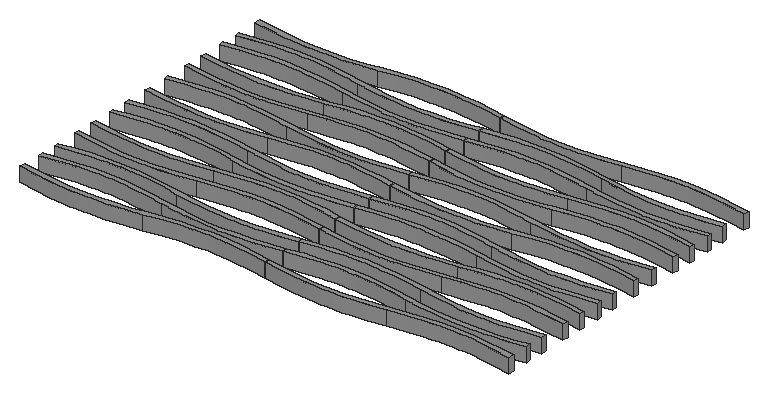
Revit family "BFL-FLD-007_FOLDED BAFFLES_RFA", category Modelos genéricos, Revit 2022 (continued)
Forms (in)
  Extrusion 44, solid
    sketch origin (51.35348, 69.82563, 0) x (1, 0, 0) y (0, 1, 0)
      loop
        spline (0.3487, -2.7551) -> (-3.90318, -3.4233) -> (-8.16664, -4.01294) -> (-12.44174, -4.51103) -> (-16.72805, -4.90072) -> (-21.02416, -5.1596) -> (-25.32686, -5.25727) -> (-29.62971, -5.16703) -> (-33.92617, -4.9141) -> (-38.21292, -4.52928) -> (-42.48849, -4.0353) -> (-46.75243, -3.44913) -> (-51.00478, -2.78394)
        line (-51.00478, -2.78394) -> (-51.35348, -4.8877)
    from 0 to 6
  Extrusion 45, solid, not visible
    sketch origin (-50.65608, -51.25, 0) x (1, 0, 0) y (0, 1, 0)
      loop
        line (-51.35348, 4.8877) -> (-51.00478, 2.78394)
        spline (-51.00478, 2.78394) -> (-46.75243, 3.44913) -> (-42.48849, 4.0353) -> (-38.21292, 4.52928) -> (-33.92617, 4.9141) -> (-29.62971, 5.16703) -> (-25.32686, 5.25727) -> (-21.02416, 5.1596) -> (-16.72805, 4.90072) -> (-12.44174, 4.51103) -> (-8.16664, 4.01294) -> (-3.90318, 3.4233) -> (0.3487, 2.7551)
        spline (0.3487, 2.7551) -> (4.54288, 2.09578) -> (8.74843, 1.51355) -> (12.96543, 1.0212) -> (17.19348, 0.63552) -> (21.43124, 0.37882) -> (25.67555, 0.28163) -> (29.92003, 0.37134) -> (34.15814, 0.62208) -> (38.38663, 1.0029) -> (42.6041, 1.49115) -> (46.81013, 2.06993) -> (51.00478, 2.72626)
        line (51.00478, 2.72626) -> (50.65608, 4.83002)
        spline (50.65608, 4.83002) -> (46.46143, 4.17369) -> (42.2554, 3.59491) -> (38.03794, 3.10666) -> (33.80944, 2.72585) -> (29.57133, 2.4751) -> (25.32686, 2.38539) -> (21.08254, 2.48258) -> (16.84478, 2.73928) -> (12.61673, 3.12496) -> (8.39973, 3.61731) -> (4.19418, 4.19954) -> (0, 4.85886)
        spline (0, 4.85886) -> (-4.25188, 5.52706) -> (-8.51534, 6.1167) -> (-12.79044, 6.61479) -> (-17.07674, 7.00448) -> (-21.37286, 7.26336) -> (-25.67556, 7.36104) -> (-29.97841, 7.27079) -> (-34.27487, 7.01787) -> (-38.56162, 6.63305) -> (-42.83719, 6.13906) -> (-47.10113, 5.5529) -> (-51.35348, 4.8877)
    from 0 to 6
  Extrusion 46, solid, not visible
    sketch origin (51.35348, -51.30768, 0) x (1, 0, 0) y (0, 1, 0)
      loop
        line (-51.35348, 4.8877) -> (-51.00478, 2.78394)
        spline (-51.00478, 2.78394) -> (-46.75243, 3.44913) -> (-42.48849, 4.0353) -> (-38.21292, 4.52928) -> (-33.92617, 4.9141) -> (-29.62971, 5.16703) -> (-25.32686, 5.25727) -> (-21.02416, 5.1596) -> (-16.72805, 4.90072) -> (-12.44174, 4.51103) -> (-8.16664, 4.01294) -> (-3.90318, 3.4233) -> (0.3487, 2.7551)
        spline (0.3487, 2.7551) -> (4.54288, 2.09578) -> (8.74843, 1.51355) -> (12.96543, 1.0212) -> (17.19348, 0.63552) -> (21.43124, 0.37882) -> (25.67555, 0.28163) -> (29.92003, 0.37134) -> (34.15814, 0.62208) -> (38.38663, 1.0029) -> (42.6041, 1.49115) -> (46.81013, 2.06993) -> (51.00478, 2.72626)
        line (51.00478, 2.72626) -> (50.65608, 4.83002)
        spline (50.65608, 4.83002) -> (46.46143, 4.17369) -> (42.2554, 3.59491) -> (38.03794, 3.10666) -> (33.80944, 2.72585) -> (29.57133, 2.4751) -> (25.32686, 2.38539) -> (21.08254, 2.48258) -> (16.84478, 2.73928) -> (12.61673, 3.12496) -> (8.39973, 3.61731) -> (4.19418, 4.19954) -> (0, 4.85886)
        spline (0, 4.85886) -> (-4.25188, 5.52706) -> (-8.51534, 6.1167) -> (-12.79044, 6.61479) -> (-17.07674, 7.00448) -> (-21.37286, 7.26336) -> (-25.67556, 7.36104) -> (-29.97841, 7.27079) -> (-34.27487, 7.01787) -> (-38.56162, 6.63305) -> (-42.83719, 6.13906) -> (-47.10113, 5.5529) -> (-51.35348, 4.8877)
    from 0 to 6
  Extrusion 47, solid, not visible
    sketch origin (-50.65608, -53, 0) x (1, 0, 0) y (0, 1, 0)
      loop
        spline (-51.35348, -4.8877) -> (-47.10113, -5.5529) -> (-42.83719, -6.13906) -> (-38.56162, -6.63305) -> (-34.27487, -7.01787) -> (-29.97841, -7.27079) -> (-25.67556, -7.36104) -> (-21.37286, -7.26336) -> (-17.07674, -7.00448) -> (-12.79044, -6.61479) -> (-8.51534, -6.1167) -> (-4.25188, -5.52706) -> (0, -4.85886)
        spline (0, -4.85886) -> (4.19418, -4.19954) -> (8.39973, -3.61731) -> (12.61673, -3.12496) -> (16.84478, -2.73928) -> (21.08254, -2.48258) -> (25.32686, -2.38539) -> (29.57133, -2.4751) -> (33.80944, -2.72585) -> (38.03794, -3.10666) -> (42.2554, -3.59491) -> (46.46143, -4.17369) -> (50.65608, -4.83002)
        line (50.65608, -4.83002) -> (51.00478, -2.72626)
        spline (51.00478, -2.72626) -> (46.81013, -2.06993) -> (42.6041, -1.49115) -> (38.38663, -1.0029) -> (34.15814, -0.62208) -> (29.92003, -0.37134) -> (25.67555, -0.28163) -> (21.43124, -0.37882) -> (17.19348, -0.63552) -> (12.96543, -1.0212) -> (8.74843, -1.51355) -> (4.54288, -2.09578) -> (0.3487, -2.7551)
        spline (0.3487, -2.7551) -> (-3.90318, -3.4233) -> (-8.16664, -4.01294) -> (-12.44174, -4.51103) -> (-16.72805, -4.90072) -> (-21.02416, -5.1596) -> (-25.32686, -5.25727) -> (-29.62971, -5.16703) -> (-33.92617, -4.9141) -> (-38.21292, -4.52928) -> (-42.48849, -4.0353) -> (-46.75243, -3.44913) -> (-51.00478, -2.78394)
        line (-51.00478, -2.78394) -> (-51.35348, -4.8877)
    from 0 to 6
  Sweep 48, solid, not visible
    path origin (0, -53, 0) x (1, 0, 0) y (0, 1, 0)
      loop
        spline (-92.49217, -5.10021) -> (-84.6075, -6.03201) -> (-77.1527, -6.33846) -> (-70.05936, -6.14551) -> (-63.25908, -5.5791) -> (-56.68345, -4.76519) -> (-50.26407, -3.82973) -> (-43.91162, -2.89853) -> (-37.47239, -2.09695) -> (-30.78031, -1.55026) -> (-23.66932, -1.38375) -> (-15.97333, -1.72269) -> (-7.52628, -2.69235)
    profile origin (-50.26407, -56.82973, 0) x (-0.148278, 0.988946, 0) y (0, 0, 1)
      loop
        line (0.25, 0) -> (-0.25, 0) -> (-0.25, -0.04234) -> (0.25, -0.04234) -> (0.25, 0)
  Extrusion 49, solid, not visible
    sketch origin (51.35348, -52.94232, 0) x (1, 0, 0) y (0, 1, 0)
      loop
        spline (-51.35348, -4.8877) -> (-47.10113, -5.5529) -> (-42.83719, -6.13906) -> (-38.56162, -6.63305) -> (-34.27487, -7.01787) -> (-29.97841, -7.27079) -> (-25.67556, -7.36104) -> (-21.37286, -7.26336) -> (-17.07674, -7.00448) -> (-12.79044, -6.61479) -> (-8.51534, -6.1167) -> (-4.25188, -5.52706) -> (0, -4.85886)
        spline (0, -4.85886) -> (4.19418, -4.19954) -> (8.39973, -3.61731) -> (12.61673, -3.12496) -> (16.84478, -2.73928) -> (21.08254, -2.48258) -> (25.32686, -2.38539) -> (29.57133, -2.4751) -> (33.80944, -2.72585) -> (38.03794, -3.10666) -> (42.2554, -3.59491) -> (46.46143, -4.17369) -> (50.65608, -4.83002)
        line (50.65608, -4.83002) -> (51.00478, -2.72626)
        spline (51.00478, -2.72626) -> (46.81013, -2.06993) -> (42.6041, -1.49115) -> (38.38663, -1.0029) -> (34.15814, -0.62208) -> (29.92003, -0.37134) -> (25.67555, -0.28163) -> (21.43124, -0.37882) -> (17.19348, -0.63552) -> (12.96543, -1.0212) -> (8.74843, -1.51355) -> (4.54288, -2.09578) -> (0.3487, -2.7551)
        spline (0.3487, -2.7551) -> (-3.90318, -3.4233) -> (-8.16664, -4.01294) -> (-12.44174, -4.51103) -> (-16.72805, -4.90072) -> (-21.02416, -5.1596) -> (-25.32686, -5.25727) -> (-29.62971, -5.16703) -> (-33.92617, -4.9141) -> (-38.21292, -4.52928) -> (-42.48849, -4.0353) -> (-46.75243, -3.44913) -> (-51.00478, -2.78394)
        line (-51.00478, -2.78394) -> (-51.35348, -4.8877)
    from 0 to 6
  Sweep 50, solid, not visible
    path origin (102.00956, -53.05768, 0) x (1, 0, 0) y (0, 1, 0)
      loop
        spline (-92.49217, -4.98486) -> (-84.6075, -5.91666) -> (-77.1527, -6.2231) -> (-70.05936, -6.03015) -> (-63.25908, -5.46374) -> (-56.68345, -4.64983) -> (-50.26407, -3.71438) -> (-43.91162, -2.78317) -> (-37.47239, -1.98159) -> (-30.78031, -1.4349) -> (-23.66932, -1.26839) -> (-15.97333, -1.60733) -> (-7.52628, -2.577)
    profile origin (51.74549, -56.77206, 0) x (-0.148278, 0.988946, 0) y (0, 0, 1)
      loop
        line (0.25, 0) -> (-0.25, 0) -> (-0.25, -0.04234) -> (0.25, -0.04234) -> (0.25, 0)
  Extrusion 51, solid, not visible
    sketch origin (-50.65608, -53, 0) x (1, 0, 0) y (0, 1, 0)
      loop
        line (-51.35348, 14.6377) -> (-51.00478, 12.53394)
        spline (-51.00478, 12.53394) -> (-46.75243, 13.19913) -> (-42.48849, 13.7853) -> (-38.21292, 14.27928) -> (-33.92617, 14.6641) -> (-29.62971, 14.91703) -> (-25.32686, 15.00727) -> (-21.02416, 14.9096) -> (-16.72805, 14.65072) -> (-12.44174, 14.26103) -> (-8.16664, 13.76294) -> (-3.90318, 13.1733) -> (0.3487, 12.5051)
        spline (0.3487, 12.5051) -> (4.54288, 11.84578) -> (8.74843, 11.26355) -> (12.96543, 10.7712) -> (17.19348, 10.38552) -> (21.43124, 10.12882) -> (25.67555, 10.03163) -> (29.92003, 10.12134) -> (34.15814, 10.37208) -> (38.38663, 10.7529) -> (42.6041, 11.24115) -> (46.81013, 11.81993) -> (51.00478, 12.47626)
        line (51.00478, 12.47626) -> (50.65608, 14.58002)
        spline (50.65608, 14.58002) -> (46.46143, 13.92369) -> (42.2554, 13.34491) -> (38.03794, 12.85666) -> (33.80944, 12.47585) -> (29.57133, 12.2251) -> (25.32686, 12.13539) -> (21.08254, 12.23258) -> (16.84478, 12.48928) -> (12.61673, 12.87496) -> (8.39973, 13.36731) -> (4.19418, 13.94954) -> (0, 14.60886)
        spline (0, 14.60886) -> (-4.25188, 15.27706) -> (-8.51534, 15.8667) -> (-12.79044, 16.36479) -> (-17.07674, 16.75448) -> (-21.37286, 17.01336) -> (-25.67556, 17.11104) -> (-29.97841, 17.02079) -> (-34.27487, 16.76787) -> (-38.56162, 16.38305) -> (-42.83719, 15.88906) -> (-47.10113, 15.3029) -> (-51.35348, 14.6377)
    from 0 to 6
  Sweep 52, solid, not visible
    path origin (0, -23.25, 0) x (1, 0, 0) y (0, 1, 0)
      loop
        spline (-92.49217, -14.89979) -> (-84.6075, -13.96799) -> (-77.1527, -13.66154) -> (-70.05936, -13.85449) -> (-63.25908, -14.4209) -> (-56.68345, -15.23481) -> (-50.26407, -16.17027) -> (-43.91162, -17.10147) -> (-37.47239, -17.90305) -> (-30.78031, -18.44974) -> (-23.66932, -18.61625) -> (-15.97333, -18.27731) -> (-7.52628, -17.30765)
    profile origin (-50.26407, -39.42027, 0) x (0.148278, 0.988946, 0) y (0, 0, 1)
      loop
        line (-0.25, 0) -> (-0.25, -0.04234) -> (0.25, -0.04234) -> (0.25, 0) -> (-0.25, 0)
  Extrusion 53, solid, not visible
    sketch origin (51.35348, -149.30768, 0) x (1, 0, 0) y (0, 1, 0)
      loop
        line (-51.35348, 110.8877) -> (-51.00478, 108.78394)
        spline (-51.00478, 108.78394) -> (-46.75243, 109.44913) -> (-42.48849, 110.0353) -> (-38.21292, 110.52928) -> (-33.92617, 110.9141) -> (-29.62971, 111.16703) -> (-25.32686, 111.25727) -> (-21.02416, 111.1596) -> (-16.72805, 110.90072) -> (-12.44174, 110.51103) -> (-8.16664, 110.01294) -> (-3.90318, 109.4233) -> (0.3487, 108.7551)
        spline (0.3487, 108.7551) -> (4.54288, 108.09578) -> (8.74843, 107.51355) -> (12.96543, 107.0212) -> (17.19348, 106.63552) -> (21.43124, 106.37882) -> (25.67555, 106.28163) -> (29.92003, 106.37134) -> (34.15814, 106.62208) -> (38.38663, 107.0029) -> (42.6041, 107.49115) -> (46.81013, 108.06993) -> (51.00478, 108.72626)
        line (51.00478, 108.72626) -> (50.65608, 110.83002)
        spline (50.65608, 110.83002) -> (46.46143, 110.17369) -> (42.2554, 109.59491) -> (38.03794, 109.10666) -> (33.80944, 108.72585) -> (29.57133, 108.4751) -> (25.32686, 108.38539) -> (21.08254, 108.48258) -> (16.84478, 108.73928) -> (12.61673, 109.12496) -> (8.39973, 109.61731) -> (4.19418, 110.19954) -> (0, 110.85886)
        spline (0, 110.85886) -> (-4.25188, 111.52706) -> (-8.51534, 112.1167) -> (-12.79044, 112.61479) -> (-17.07674, 113.00448) -> (-21.37286, 113.26336) -> (-25.67556, 113.36104) -> (-29.97841, 113.27079) -> (-34.27487, 113.01787) -> (-38.56162, 112.63305) -> (-42.83719, 112.13906) -> (-47.10113, 111.5529) -> (-51.35348, 110.8877)
    from 0 to 6
  Sweep 54, solid, not visible
    path origin (102.00956, -23.30768, 0) x (1, 0, 0) y (0, 1, 0)
      loop
        spline (-92.49217, -14.89979) -> (-84.6075, -13.96799) -> (-77.1527, -13.66154) -> (-70.05936, -13.85449) -> (-63.25908, -14.4209) -> (-56.68345, -15.23481) -> (-50.26407, -16.17027) -> (-43.91162, -17.10147) -> (-37.47239, -17.90305) -> (-30.78031, -18.44974) -> (-23.66932, -18.61625) -> (-15.97333, -18.27731) -> (-7.52628, -17.30765)
    profile origin (51.74549, -39.47794, 0) x (0.148278, 0.988946, 0) y (0, 0, 1)
      loop
        line (-0.25, 0) -> (-0.25, -0.04234) -> (0.25, -0.04234) -> (0.25, 0) -> (-0.25, 0)
  Extrusion 55, solid, not visible
    sketch origin (-50.65608, -24.73205, 0) x (1, 0, 0) y (0, 1, 0)
      loop
        spline (-51.35348, -4.8877) -> (-47.10113, -5.5529) -> (-42.83719, -6.13906) -> (-38.56162, -6.63305) -> (-34.27487, -7.01787) -> (-29.97841, -7.27079) -> (-25.67556, -7.36104) -> (-21.37286, -7.26336) -> (-17.07674, -7.00448) -> (-12.79044, -6.61479) -> (-8.51534, -6.1167) -> (-4.25188, -5.52706) -> (0, -4.85886)
        spline (0, -4.85886) -> (4.19418, -4.19954) -> (8.39973, -3.61731) -> (12.61673, -3.12496) -> (16.84478, -2.73928) -> (21.08254, -2.48258) -> (25.32686, -2.38539) -> (29.57133, -2.4751) -> (33.80944, -2.72585) -> (38.03794, -3.10666) -> (42.2554, -3.59491) -> (46.46143, -4.17369) -> (50.65608, -4.83002)
        line (50.65608, -4.83002) -> (51.00478, -2.72626)
        spline (51.00478, -2.72626) -> (46.81013, -2.06993) -> (42.6041, -1.49115) -> (38.38663, -1.0029) -> (34.15814, -0.62208) -> (29.92003, -0.37134) -> (25.67555, -0.28163) -> (21.43124, -0.37882) -> (17.19348, -0.63552) -> (12.96543, -1.0212) -> (8.74843, -1.51355) -> (4.54288, -2.09578) -> (0.3487, -2.7551)
        spline (0.3487, -2.7551) -> (-3.90318, -3.4233) -> (-8.16664, -4.01294) -> (-12.44174, -4.51103) -> (-16.72805, -4.90072) -> (-21.02416, -5.1596) -> (-25.32686, -5.25727) -> (-29.62971, -5.16703) -> (-33.92617, -4.9141) -> (-38.21292, -4.52928) -> (-42.48849, -4.0353) -> (-46.75243, -3.44913) -> (-51.00478, -2.78394)
        line (-51.00478, -2.78394) -> (-51.35348, -4.8877)
    from 0 to 6
  Extrusion 56, solid, not visible
    sketch origin (51.35348, -24.67437, 0) x (1, 0, 0) y (0, 1, 0)
      loop
        spline (-51.35348, -4.8877) -> (-47.10113, -5.5529) -> (-42.83719, -6.13906) -> (-38.56162, -6.63305) -> (-34.27487, -7.01787) -> (-29.97841, -7.27079) -> (-25.67556, -7.36104) -> (-21.37286, -7.26336) -> (-17.07674, -7.00448) -> (-12.79044, -6.61479) -> (-8.51534, -6.1167) -> (-4.25188, -5.52706) -> (0, -4.85886)
        spline (0, -4.85886) -> (4.19418, -4.19954) -> (8.39973, -3.61731) -> (12.61673, -3.12496) -> (16.84478, -2.73928) -> (21.08254, -2.48258) -> (25.32686, -2.38539) -> (29.57133, -2.4751) -> (33.80944, -2.72585) -> (38.03794, -3.10666) -> (42.2554, -3.59491) -> (46.46143, -4.17369) -> (50.65608, -4.83002)
        line (50.65608, -4.83002) -> (51.00478, -2.72626)
        spline (51.00478, -2.72626) -> (46.81013, -2.06993) -> (42.6041, -1.49115) -> (38.38663, -1.0029) -> (34.15814, -0.62208) -> (29.92003, -0.37134) -> (25.67555, -0.28163) -> (21.43124, -0.37882) -> (17.19348, -0.63552) -> (12.96543, -1.0212) -> (8.74843, -1.51355) -> (4.54288, -2.09578) -> (0.3487, -2.7551)
        spline (0.3487, -2.7551) -> (-3.90318, -3.4233) -> (-8.16664, -4.01294) -> (-12.44174, -4.51103) -> (-16.72805, -4.90072) -> (-21.02416, -5.1596) -> (-25.32686, -5.25727) -> (-29.62971, -5.16703) -> (-33.92617, -4.9141) -> (-38.21292, -4.52928) -> (-42.48849, -4.0353) -> (-46.75243, -3.44913) -> (-51.00478, -2.78394)
        line (-51.00478, -2.78394) -> (-51.35348, -4.8877)
    from 0 to 6
  Extrusion 57, solid, not visible
    sketch origin (-50.65608, -16, 0) x (1, 0, 0) y (0, 1, 0)
      loop
        spline (-51.35348, -4.8877) -> (-47.10113, -5.5529) -> (-42.83719, -6.13906) -> (-38.56162, -6.63305) -> (-34.27487, -7.01787) -> (-29.97841, -7.27079) -> (-25.67556, -7.36104) -> (-21.37286, -7.26336) -> (-17.07674, -7.00448) -> (-12.79044, -6.61479) -> (-8.51534, -6.1167) -> (-4.25188, -5.52706) -> (0, -4.85886)
        spline (0, -4.85886) -> (4.19418, -4.19954) -> (8.39973, -3.61731) -> (12.61673, -3.12496) -> (16.84478, -2.73928) -> (21.08254, -2.48258) -> (25.32686, -2.38539) -> (29.57133, -2.4751) -> (33.80944, -2.72585) -> (38.03794, -3.10666) -> (42.2554, -3.59491) -> (46.46143, -4.17369) -> (50.65608, -4.83002)
        line (50.65608, -4.83002) -> (51.00478, -2.72626)
        spline (51.00478, -2.72626) -> (46.81013, -2.06993) -> (42.6041, -1.49115) -> (38.38663, -1.0029) -> (34.15814, -0.62208) -> (29.92003, -0.37134) -> (25.67555, -0.28163) -> (21.43124, -0.37882) -> (17.19348, -0.63552) -> (12.96543, -1.0212) -> (8.74843, -1.51355) -> (4.54288, -2.09578) -> (0.3487, -2.7551)
        spline (0.3487, -2.7551) -> (-3.90318, -3.4233) -> (-8.16664, -4.01294) -> (-12.44174, -4.51103) -> (-16.72805, -4.90072) -> (-21.02416, -5.1596) -> (-25.32686, -5.25727) -> (-29.62971, -5.16703) -> (-33.92617, -4.9141) -> (-38.21292, -4.52928) -> (-42.48849, -4.0353) -> (-46.75243, -3.44913) -> (-51.00478, -2.78394)
        line (-51.00478, -2.78394) -> (-51.35348, -4.8877)
    from 0 to 6
  Sweep 58, solid, not visible
    path origin (0, -16, 0) x (1, 0, 0) y (0, 1, 0)
      loop
        spline (-92.49217, -5.10021) -> (-84.6075, -6.03201) -> (-77.1527, -6.33846) -> (-70.05936, -6.14551) -> (-63.25908, -5.5791) -> (-56.68345, -4.76519) -> (-50.26407, -3.82973) -> (-43.91162, -2.89853) -> (-37.47239, -2.09695) -> (-30.78031, -1.55026) -> (-23.66932, -1.38375) -> (-15.97333, -1.72269) -> (-7.52628, -2.69235)
    profile origin (-50.26407, -19.82973, 0) x (-0.148278, 0.988946, 0) y (0, 0, 1)
      loop
        line (0.25, 0) -> (-0.25, 0) -> (-0.25, -0.04234) -> (0.25, -0.04234) -> (0.25, 0)
  Extrusion 59, solid, not visible
    sketch origin (51.35348, -15.94232, 0) x (1, 0, 0) y (0, 1, 0)
      loop
        spline (-51.35348, -4.8877) -> (-47.10113, -5.5529) -> (-42.83719, -6.13906) -> (-38.56162, -6.63305) -> (-34.27487, -7.01787) -> (-29.97841, -7.27079) -> (-25.67556, -7.36104) -> (-21.37286, -7.26336) -> (-17.07674, -7.00448) -> (-12.79044, -6.61479) -> (-8.51534, -6.1167) -> (-4.25188, -5.52706) -> (0, -4.85886)
        spline (0, -4.85886) -> (4.19418, -4.19954) -> (8.39973, -3.61731) -> (12.61673, -3.12496) -> (16.84478, -2.73928) -> (21.08254, -2.48258) -> (25.32686, -2.38539) -> (29.57133, -2.4751) -> (33.80944, -2.72585) -> (38.03794, -3.10666) -> (42.2554, -3.59491) -> (46.46143, -4.17369) -> (50.65608, -4.83002)
        line (50.65608, -4.83002) -> (51.00478, -2.72626)
        spline (51.00478, -2.72626) -> (46.81013, -2.06993) -> (42.6041, -1.49115) -> (38.38663, -1.0029) -> (34.15814, -0.62208) -> (29.92003, -0.37134) -> (25.67555, -0.28163) -> (21.43124, -0.37882) -> (17.19348, -0.63552) -> (12.96543, -1.0212) -> (8.74843, -1.51355) -> (4.54288, -2.09578) -> (0.3487, -2.7551)
        spline (0.3487, -2.7551) -> (-3.90318, -3.4233) -> (-8.16664, -4.01294) -> (-12.44174, -4.51103) -> (-16.72805, -4.90072) -> (-21.02416, -5.1596) -> (-25.32686, -5.25727) -> (-29.62971, -5.16703) -> (-33.92617, -4.9141) -> (-38.21292, -4.52928) -> (-42.48849, -4.0353) -> (-46.75243, -3.44913) -> (-51.00478, -2.78394)
        line (-51.00478, -2.78394) -> (-51.35348, -4.8877)
    from 0 to 6
  Sweep 60, solid, not visible
    path origin (102.00956, -16.05768, 0) x (1, 0, 0) y (0, 1, 0)
      loop
        spline (-92.49217, -4.98486) -> (-84.6075, -5.91666) -> (-77.1527, -6.2231) -> (-70.05936, -6.03015) -> (-63.25908, -5.46374) -> (-56.68345, -4.64983) -> (-50.26407, -3.71438) -> (-43.91162, -2.78317) -> (-37.47239, -1.98159) -> (-30.78031, -1.4349) -> (-23.66932, -1.26839) -> (-15.97333, -1.60733) -> (-7.52628, -2.577)
    profile origin (51.74549, -19.77206, 0) x (-0.148278, 0.988946, 0) y (0, 0, 1)
      loop
        line (0.25, 0) -> (-0.25, 0) -> (-0.25, -0.04234) -> (0.25, -0.04234) -> (0.25, 0)
  Extrusion 61, solid, not visible
    sketch origin (-50.65608, -14.25, 0) x (1, 0, 0) y (0, 1, 0)
      loop
        line (-51.35348, 4.8877) -> (-51.00478, 2.78394)
        spline (-51.00478, 2.78394) -> (-46.75243, 3.44913) -> (-42.48849, 4.0353) -> (-38.21292, 4.52928) -> (-33.92617, 4.9141) -> (-29.62971, 5.16703) -> (-25.32686, 5.25727) -> (-21.02416, 5.1596) -> (-16.72805, 4.90072) -> (-12.44174, 4.51103) -> (-8.16664, 4.01294) -> (-3.90318, 3.4233) -> (0.3487, 2.7551)
        spline (0.3487, 2.7551) -> (4.54288, 2.09578) -> (8.74843, 1.51355) -> (12.96543, 1.0212) -> (17.19348, 0.63552) -> (21.43124, 0.37882) -> (25.67555, 0.28163) -> (29.92003, 0.37134) -> (34.15814, 0.62208) -> (38.38663, 1.0029) -> (42.6041, 1.49115) -> (46.81013, 2.06993) -> (51.00478, 2.72626)
        line (51.00478, 2.72626) -> (50.65608, 4.83002)
        spline (50.65608, 4.83002) -> (46.46143, 4.17369) -> (42.2554, 3.59491) -> (38.03794, 3.10666) -> (33.80944, 2.72585) -> (29.57133, 2.4751) -> (25.32686, 2.38539) -> (21.08254, 2.48258) -> (16.84478, 2.73928) -> (12.61673, 3.12496) -> (8.39973, 3.61731) -> (4.19418, 4.19954) -> (0, 4.85886)
        spline (0, 4.85886) -> (-4.25188, 5.52706) -> (-8.51534, 6.1167) -> (-12.79044, 6.61479) -> (-17.07674, 7.00448) -> (-21.37286, 7.26336) -> (-25.67556, 7.36104) -> (-29.97841, 7.27079) -> (-34.27487, 7.01787) -> (-38.56162, 6.63305) -> (-42.83719, 6.13906) -> (-47.10113, 5.5529) -> (-51.35348, 4.8877)
    from 0 to 6
  Extrusion 62, solid, not visible
    sketch origin (51.35348, -14.30768, 0) x (1, 0, 0) y (0, 1, 0)
      loop
        line (-51.35348, 4.8877) -> (-51.00478, 2.78394)
        spline (-51.00478, 2.78394) -> (-46.75243, 3.44913) -> (-42.48849, 4.0353) -> (-38.21292, 4.52928) -> (-33.92617, 4.9141) -> (-29.62971, 5.16703) -> (-25.32686, 5.25727) -> (-21.02416, 5.1596) -> (-16.72805, 4.90072) -> (-12.44174, 4.51103) -> (-8.16664, 4.01294) -> (-3.90318, 3.4233) -> (0.3487, 2.7551)
        spline (0.3487, 2.7551) -> (4.54288, 2.09578) -> (8.74843, 1.51355) -> (12.96543, 1.0212) -> (17.19348, 0.63552) -> (21.43124, 0.37882) -> (25.67555, 0.28163) -> (29.92003, 0.37134) -> (34.15814, 0.62208) -> (38.38663, 1.0029) -> (42.6041, 1.49115) -> (46.81013, 2.06993) -> (51.00478, 2.72626)
        line (51.00478, 2.72626) -> (50.65608, 4.83002)
        spline (50.65608, 4.83002) -> (46.46143, 4.17369) -> (42.2554, 3.59491) -> (38.03794, 3.10666) -> (33.80944, 2.72585) -> (29.57133, 2.4751) -> (25.32686, 2.38539) -> (21.08254, 2.48258) -> (16.84478, 2.73928) -> (12.61673, 3.12496) -> (8.39973, 3.61731) -> (4.19418, 4.19954) -> (0, 4.85886)
        spline (0, 4.85886) -> (-4.25188, 5.52706) -> (-8.51534, 6.1167) -> (-12.79044, 6.61479) -> (-17.07674, 7.00448) -> (-21.37286, 7.26336) -> (-25.67556, 7.36104) -> (-29.97841, 7.27079) -> (-34.27487, 7.01787) -> (-38.56162, 6.63305) -> (-42.83719, 6.13906) -> (-47.10113, 5.5529) -> (-51.35348, 4.8877)
    from 0 to 6
  Extrusion 63, solid, not visible
    sketch origin (-50.65608, -53, 0) x (1, 0, 0) y (0, 1, 0)
      loop
        line (-51.35348, 51.6377) -> (-51.00478, 49.53394)
        spline (-51.00478, 49.53394) -> (-46.75243, 50.19913) -> (-42.48849, 50.7853) -> (-38.21292, 51.27928) -> (-33.92617, 51.6641) -> (-29.62971, 51.91703) -> (-25.32686, 52.00727) -> (-21.02416, 51.9096) -> (-16.72805, 51.65072) -> (-12.44174, 51.26103) -> (-8.16664, 50.76294) -> (-3.90318, 50.1733) -> (0.3487, 49.5051)
        spline (0.3487, 49.5051) -> (4.54288, 48.84578) -> (8.74843, 48.26355) -> (12.96543, 47.7712) -> (17.19348, 47.38552) -> (21.43124, 47.12882) -> (25.67555, 47.03163) -> (29.92003, 47.12134) -> (34.15814, 47.37208) -> (38.38663, 47.7529) -> (42.6041, 48.24115) -> (46.81013, 48.81993) -> (51.00478, 49.47626)
        line (51.00478, 49.47626) -> (50.65608, 51.58002)
        spline (50.65608, 51.58002) -> (46.46143, 50.92369) -> (42.2554, 50.34491) -> (38.03794, 49.85666) -> (33.80944, 49.47585) -> (29.57133, 49.2251) -> (25.32686, 49.13539) -> (21.08254, 49.23258) -> (16.84478, 49.48928) -> (12.61673, 49.87496) -> (8.39973, 50.36731) -> (4.19418, 50.94954) -> (0, 51.60886)
        spline (0, 51.60886) -> (-4.25188, 52.27706) -> (-8.51534, 52.8667) -> (-12.79044, 53.36479) -> (-17.07674, 53.75448) -> (-21.37286, 54.01336) -> (-25.67556, 54.11104) -> (-29.97841, 54.02079) -> (-34.27487, 53.76787) -> (-38.56162, 53.38305) -> (-42.83719, 52.88906) -> (-47.10113, 52.3029) -> (-51.35348, 51.6377)
    from 0 to 6
  Sweep 64, solid, not visible
    path origin (0, 13.75, 0) x (1, 0, 0) y (0, 1, 0)
      loop
        spline (-92.49217, -14.89979) -> (-84.6075, -13.96799) -> (-77.1527, -13.66154) -> (-70.05936, -13.85449) -> (-63.25908, -14.4209) -> (-56.68345, -15.23481) -> (-50.26407, -16.17027) -> (-43.91162, -17.10147) -> (-37.47239, -17.90305) -> (-30.78031, -18.44974) -> (-23.66932, -18.61625) -> (-15.97333, -18.27731) -> (-7.52628, -17.30765)
    profile origin (-50.26407, -2.42027, 0) x (0.148278, 0.988946, 0) y (0, 0, 1)
      loop
        line (-0.25, 0) -> (-0.25, -0.04234) -> (0.25, -0.04234) -> (0.25, 0) -> (-0.25, 0)
  Extrusion 65, solid, not visible
    sketch origin (51.35348, -112.30768, 0) x (1, 0, 0) y (0, 1, 0)
      loop
        line (-51.35348, 110.8877) -> (-51.00478, 108.78394)
        spline (-51.00478, 108.78394) -> (-46.75243, 109.44913) -> (-42.48849, 110.0353) -> (-38.21292, 110.52928) -> (-33.92617, 110.9141) -> (-29.62971, 111.16703) -> (-25.32686, 111.25727) -> (-21.02416, 111.1596) -> (-16.72805, 110.90072) -> (-12.44174, 110.51103) -> (-8.16664, 110.01294) -> (-3.90318, 109.4233) -> (0.3487, 108.7551)
        spline (0.3487, 108.7551) -> (4.54288, 108.09578) -> (8.74843, 107.51355) -> (12.96543, 107.0212) -> (17.19348, 106.63552) -> (21.43124, 106.37882) -> (25.67555, 106.28163) -> (29.92003, 106.37134) -> (34.15814, 106.62208) -> (38.38663, 107.0029) -> (42.6041, 107.49115) -> (46.81013, 108.06993) -> (51.00478, 108.72626)
        line (51.00478, 108.72626) -> (50.65608, 110.83002)
        spline (50.65608, 110.83002) -> (46.46143, 110.17369) -> (42.2554, 109.59491) -> (38.03794, 109.10666) -> (33.80944, 108.72585) -> (29.57133, 108.4751) -> (25.32686, 108.38539) -> (21.08254, 108.48258) -> (16.84478, 108.73928) -> (12.61673, 109.12496) -> (8.39973, 109.61731) -> (4.19418, 110.19954) -> (0, 110.85886)
        spline (0, 110.85886) -> (-4.25188, 111.52706) -> (-8.51534, 112.1167) -> (-12.79044, 112.61479) -> (-17.07674, 113.00448) -> (-21.37286, 113.26336) -> (-25.67556, 113.36104) -> (-29.97841, 113.27079) -> (-34.27487, 113.01787) -> (-38.56162, 112.63305) -> (-42.83719, 112.13906) -> (-47.10113, 111.5529) -> (-51.35348, 110.8877)
    from 0 to 6
  Sweep 66, solid, not visible
    path origin (102.00956, 13.69232, 0) x (1, 0, 0) y (0, 1, 0)
      loop
        spline (-92.49217, -14.89979) -> (-84.6075, -13.96799) -> (-77.1527, -13.66154) -> (-70.05936, -13.85449) -> (-63.25908, -14.4209) -> (-56.68345, -15.23481) -> (-50.26407, -16.17027) -> (-43.91162, -17.10147) -> (-37.47239, -17.90305) -> (-30.78031, -18.44974) -> (-23.66932, -18.61625) -> (-15.97333, -18.27731) -> (-7.52628, -17.30765)
    profile origin (51.74549, -2.47794, 0) x (0.148278, 0.988946, 0) y (0, 0, 1)
      loop
        line (-0.25, 0) -> (-0.25, -0.04234) -> (0.25, -0.04234) -> (0.25, 0) -> (-0.25, 0)
  Extrusion 67, solid, not visible
    sketch origin (-50.65608, 12.26795, 0) x (1, 0, 0) y (0, 1, 0)
      loop
        spline (-51.35348, -4.8877) -> (-47.10113, -5.5529) -> (-42.83719, -6.13906) -> (-38.56162, -6.63305) -> (-34.27487, -7.01787) -> (-29.97841, -7.27079) -> (-25.67556, -7.36104) -> (-21.37286, -7.26336) -> (-17.07674, -7.00448) -> (-12.79044, -6.61479) -> (-8.51534, -6.1167) -> (-4.25188, -5.52706) -> (0, -4.85886)
        spline (0, -4.85886) -> (4.19418, -4.19954) -> (8.39973, -3.61731) -> (12.61673, -3.12496) -> (16.84478, -2.73928) -> (21.08254, -2.48258) -> (25.32686, -2.38539) -> (29.57133, -2.4751) -> (33.80944, -2.72585) -> (38.03794, -3.10666) -> (42.2554, -3.59491) -> (46.46143, -4.17369) -> (50.65608, -4.83002)
        line (50.65608, -4.83002) -> (51.00478, -2.72626)
        spline (51.00478, -2.72626) -> (46.81013, -2.06993) -> (42.6041, -1.49115) -> (38.38663, -1.0029) -> (34.15814, -0.62208) -> (29.92003, -0.37134) -> (25.67555, -0.28163) -> (21.43124, -0.37882) -> (17.19348, -0.63552) -> (12.96543, -1.0212) -> (8.74843, -1.51355) -> (4.54288, -2.09578) -> (0.3487, -2.7551)
        spline (0.3487, -2.7551) -> (-3.90318, -3.4233) -> (-8.16664, -4.01294) -> (-12.44174, -4.51103) -> (-16.72805, -4.90072) -> (-21.02416, -5.1596) -> (-25.32686, -5.25727) -> (-29.62971, -5.16703) -> (-33.92617, -4.9141) -> (-38.21292, -4.52928) -> (-42.48849, -4.0353) -> (-46.75243, -3.44913) -> (-51.00478, -2.78394)
        line (-51.00478, -2.78394) -> (-51.35348, -4.8877)
    from 0 to 6
  Extrusion 68, solid, not visible
    sketch origin (51.35348, 12.32563, 0) x (1, 0, 0) y (0, 1, 0)
      loop
        spline (-51.35348, -4.8877) -> (-47.10113, -5.5529) -> (-42.83719, -6.13906) -> (-38.56162, -6.63305) -> (-34.27487, -7.01787) -> (-29.97841, -7.27079) -> (-25.67556, -7.36104) -> (-21.37286, -7.26336) -> (-17.07674, -7.00448) -> (-12.79044, -6.61479) -> (-8.51534, -6.1167) -> (-4.25188, -5.52706) -> (0, -4.85886)
        spline (0, -4.85886) -> (4.19418, -4.19954) -> (8.39973, -3.61731) -> (12.61673, -3.12496) -> (16.84478, -2.73928) -> (21.08254, -2.48258) -> (25.32686, -2.38539) -> (29.57133, -2.4751) -> (33.80944, -2.72585) -> (38.03794, -3.10666) -> (42.2554, -3.59491) -> (46.46143, -4.17369) -> (50.65608, -4.83002)
        line (50.65608, -4.83002) -> (51.00478, -2.72626)
        spline (51.00478, -2.72626) -> (46.81013, -2.06993) -> (42.6041, -1.49115) -> (38.38663, -1.0029) -> (34.15814, -0.62208) -> (29.92003, -0.37134) -> (25.67555, -0.28163) -> (21.43124, -0.37882) -> (17.19348, -0.63552) -> (12.96543, -1.0212) -> (8.74843, -1.51355) -> (4.54288, -2.09578) -> (0.3487, -2.7551)
        spline (0.3487, -2.7551) -> (-3.90318, -3.4233) -> (-8.16664, -4.01294) -> (-12.44174, -4.51103) -> (-16.72805, -4.90072) -> (-21.02416, -5.1596) -> (-25.32686, -5.25727) -> (-29.62971, -5.16703) -> (-33.92617, -4.9141) -> (-38.21292, -4.52928) -> (-42.48849, -4.0353) -> (-46.75243, -3.44913) -> (-51.00478, -2.78394)
        line (-51.00478, -2.78394) -> (-51.35348, -4.8877)
    from 0 to 6
  Extrusion 69, solid, not visible
    sketch origin (-50.65608, -53, 0) x (1, 0, 0) y (0, 1, 0)
      loop
        line (-51.35348, 72.1377) -> (-51.00478, 70.03394)
        spline (-51.00478, 70.03394) -> (-46.75243, 70.69913) -> (-42.48849, 71.2853) -> (-38.21292, 71.77928) -> (-33.92617, 72.1641) -> (-29.62971, 72.41703) -> (-25.32686, 72.50727) -> (-21.02416, 72.4096) -> (-16.72805, 72.15072) -> (-12.44174, 71.76103) -> (-8.16664, 71.26294) -> (-3.90318, 70.6733) -> (0.3487, 70.0051)
        spline (0.3487, 70.0051) -> (4.54288, 69.34578) -> (8.74843, 68.76355) -> (12.96543, 68.2712) -> (17.19348, 67.88552) -> (21.43124, 67.62882) -> (25.67555, 67.53163) -> (29.92003, 67.62134) -> (34.15814, 67.87208) -> (38.38663, 68.2529) -> (42.6041, 68.74115) -> (46.81013, 69.31993) -> (51.00478, 69.97626)
        line (51.00478, 69.97626) -> (50.65608, 72.08002)
        spline (50.65608, 72.08002) -> (46.46143, 71.42369) -> (42.2554, 70.84491) -> (38.03794, 70.35666) -> (33.80944, 69.97585) -> (29.57133, 69.7251) -> (25.32686, 69.63539) -> (21.08254, 69.73258) -> (16.84478, 69.98928) -> (12.61673, 70.37496) -> (8.39973, 70.86731) -> (4.19418, 71.44954) -> (0, 72.10886)
        spline (0, 72.10886) -> (-4.25188, 72.77706) -> (-8.51534, 73.3667) -> (-12.79044, 73.86479) -> (-17.07674, 74.25448) -> (-21.37286, 74.51336) -> (-25.67556, 74.61104) -> (-29.97841, 74.52079) -> (-34.27487, 74.26787) -> (-38.56162, 73.88305) -> (-42.83719, 73.38906) -> (-47.10113, 72.8029) -> (-51.35348, 72.1377)
    from 0 to 6
  Sweep 70, solid, not visible
    path origin (0, 34.25, 0) x (1, 0, 0) y (0, 1, 0)
      loop
        spline (-92.49217, -14.89979) -> (-84.6075, -13.96799) -> (-77.1527, -13.66154) -> (-70.05936, -13.85449) -> (-63.25908, -14.4209) -> (-56.68345, -15.23481) -> (-50.26407, -16.17027) -> (-43.91162, -17.10147) -> (-37.47239, -17.90305) -> (-30.78031, -18.44974) -> (-23.66932, -18.61625) -> (-15.97333, -18.27731) -> (-7.52628, -17.30765)
    profile origin (-50.26407, 18.07973, 0) x (0.148278, 0.988946, 0) y (0, 0, 1)
      loop
        line (-0.25, 0) -> (-0.25, -0.04234) -> (0.25, -0.04234) -> (0.25, 0) -> (-0.25, 0)
  Extrusion 71, solid, not visible
    sketch origin (51.35348, -91.80768, 0) x (1, 0, 0) y (0, 1, 0)
      loop
        line (-51.35348, 110.8877) -> (-51.00478, 108.78394)
        spline (-51.00478, 108.78394) -> (-46.75243, 109.44913) -> (-42.48849, 110.0353) -> (-38.21292, 110.52928) -> (-33.92617, 110.9141) -> (-29.62971, 111.16703) -> (-25.32686, 111.25727) -> (-21.02416, 111.1596) -> (-16.72805, 110.90072) -> (-12.44174, 110.51103) -> (-8.16664, 110.01294) -> (-3.90318, 109.4233) -> (0.3487, 108.7551)
        spline (0.3487, 108.7551) -> (4.54288, 108.09578) -> (8.74843, 107.51355) -> (12.96543, 107.0212) -> (17.19348, 106.63552) -> (21.43124, 106.37882) -> (25.67555, 106.28163) -> (29.92003, 106.37134) -> (34.15814, 106.62208) -> (38.38663, 107.0029) -> (42.6041, 107.49115) -> (46.81013, 108.06993) -> (51.00478, 108.72626)
        line (51.00478, 108.72626) -> (50.65608, 110.83002)
        spline (50.65608, 110.83002) -> (46.46143, 110.17369) -> (42.2554, 109.59491) -> (38.03794, 109.10666) -> (33.80944, 108.72585) -> (29.57133, 108.4751) -> (25.32686, 108.38539) -> (21.08254, 108.48258) -> (16.84478, 108.73928) -> (12.61673, 109.12496) -> (8.39973, 109.61731) -> (4.19418, 110.19954) -> (0, 110.85886)
        spline (0, 110.85886) -> (-4.25188, 111.52706) -> (-8.51534, 112.1167) -> (-12.79044, 112.61479) -> (-17.07674, 113.00448) -> (-21.37286, 113.26336) -> (-25.67556, 113.36104) -> (-29.97841, 113.27079) -> (-34.27487, 113.01787) -> (-38.56162, 112.63305) -> (-42.83719, 112.13906) -> (-47.10113, 111.5529) -> (-51.35348, 110.8877)
    from 0 to 6
  Sweep 72, solid, not visible
    path origin (102.00956, 34.19232, 0) x (1, 0, 0) y (0, 1, 0)
      loop
        spline (-92.49217, -14.89979) -> (-84.6075, -13.96799) -> (-77.1527, -13.66154) -> (-70.05936, -13.85449) -> (-63.25908, -14.4209) -> (-56.68345, -15.23481) -> (-50.26407, -16.17027) -> (-43.91162, -17.10147) -> (-37.47239, -17.90305) -> (-30.78031, -18.44974) -> (-23.66932, -18.61625) -> (-15.97333, -18.27731) -> (-7.52628, -17.30765)
    profile origin (51.74549, 18.02206, 0) x (0.148278, 0.988946, 0) y (0, 0, 1)
      loop
        line (-0.25, 0) -> (-0.25, -0.04234) -> (0.25, -0.04234) -> (0.25, 0) -> (-0.25, 0)
  Extrusion 73, solid, not visible
    sketch origin (-50.65608, 32.76795, 0) x (1, 0, 0) y (0, 1, 0)
      loop
        spline (-51.35348, -4.8877) -> (-47.10113, -5.5529) -> (-42.83719, -6.13906) -> (-38.56162, -6.63305) -> (-34.27487, -7.01787) -> (-29.97841, -7.27079) -> (-25.67556, -7.36104) -> (-21.37286, -7.26336) -> (-17.07674, -7.00448) -> (-12.79044, -6.61479) -> (-8.51534, -6.1167) -> (-4.25188, -5.52706) -> (0, -4.85886)
        spline (0, -4.85886) -> (4.19418, -4.19954) -> (8.39973, -3.61731) -> (12.61673, -3.12496) -> (16.84478, -2.73928) -> (21.08254, -2.48258) -> (25.32686, -2.38539) -> (29.57133, -2.4751) -> (33.80944, -2.72585) -> (38.03794, -3.10666) -> (42.2554, -3.59491) -> (46.46143, -4.17369) -> (50.65608, -4.83002)
        line (50.65608, -4.83002) -> (51.00478, -2.72626)
        spline (51.00478, -2.72626) -> (46.81013, -2.06993) -> (42.6041, -1.49115) -> (38.38663, -1.0029) -> (34.15814, -0.62208) -> (29.92003, -0.37134) -> (25.67555, -0.28163) -> (21.43124, -0.37882) -> (17.19348, -0.63552) -> (12.96543, -1.0212) -> (8.74843, -1.51355) -> (4.54288, -2.09578) -> (0.3487, -2.7551)
        spline (0.3487, -2.7551) -> (-3.90318, -3.4233) -> (-8.16664, -4.01294) -> (-12.44174, -4.51103) -> (-16.72805, -4.90072) -> (-21.02416, -5.1596) -> (-25.32686, -5.25727) -> (-29.62971, -5.16703) -> (-33.92617, -4.9141) -> (-38.21292, -4.52928) -> (-42.48849, -4.0353) -> (-46.75243, -3.44913) -> (-51.00478, -2.78394)
        line (-51.00478, -2.78394) -> (-51.35348, -4.8877)
    from 0 to 6
  Extrusion 74, solid, not visible
    sketch origin (51.35348, 32.82563, 0) x (1, 0, 0) y (0, 1, 0)
      loop
        spline (-51.35348, -4.8877) -> (-47.10113, -5.5529) -> (-42.83719, -6.13906) -> (-38.56162, -6.63305) -> (-34.27487, -7.01787) -> (-29.97841, -7.27079) -> (-25.67556, -7.36104) -> (-21.37286, -7.26336) -> (-17.07674, -7.00448) -> (-12.79044, -6.61479) -> (-8.51534, -6.1167) -> (-4.25188, -5.52706) -> (0, -4.85886)
        spline (0, -4.85886) -> (4.19418, -4.19954) -> (8.39973, -3.61731) -> (12.61673, -3.12496) -> (16.84478, -2.73928) -> (21.08254, -2.48258) -> (25.32686, -2.38539) -> (29.57133, -2.4751) -> (33.80944, -2.72585) -> (38.03794, -3.10666) -> (42.2554, -3.59491) -> (46.46143, -4.17369) -> (50.65608, -4.83002)
        line (50.65608, -4.83002) -> (51.00478, -2.72626)
        spline (51.00478, -2.72626) -> (46.81013, -2.06993) -> (42.6041, -1.49115) -> (38.38663, -1.0029) -> (34.15814, -0.62208) -> (29.92003, -0.37134) -> (25.67555, -0.28163) -> (21.43124, -0.37882) -> (17.19348, -0.63552) -> (12.96543, -1.0212) -> (8.74843, -1.51355) -> (4.54288, -2.09578) -> (0.3487, -2.7551)
        spline (0.3487, -2.7551) -> (-3.90318, -3.4233) -> (-8.16664, -4.01294) -> (-12.44174, -4.51103) -> (-16.72805, -4.90072) -> (-21.02416, -5.1596) -> (-25.32686, -5.25727) -> (-29.62971, -5.16703) -> (-33.92617, -4.9141) -> (-38.21292, -4.52928) -> (-42.48849, -4.0353) -> (-46.75243, -3.44913) -> (-51.00478, -2.78394)
        line (-51.00478, -2.78394) -> (-51.35348, -4.8877)
    from 0 to 6
  Extrusion 75, solid, not visible
    sketch origin (-50.65608, 41.5, 0) x (1, 0, 0) y (0, 1, 0)
      loop
        spline (-51.35348, -4.8877) -> (-47.10113, -5.5529) -> (-42.83719, -6.13906) -> (-38.56162, -6.63305) -> (-34.27487, -7.01787) -> (-29.97841, -7.27079) -> (-25.67556, -7.36104) -> (-21.37286, -7.26336) -> (-17.07674, -7.00448) -> (-12.79044, -6.61479) -> (-8.51534, -6.1167) -> (-4.25188, -5.52706) -> (0, -4.85886)
        spline (0, -4.85886) -> (4.19418, -4.19954) -> (8.39973, -3.61731) -> (12.61673, -3.12496) -> (16.84478, -2.73928) -> (21.08254, -2.48258) -> (25.32686, -2.38539) -> (29.57133, -2.4751) -> (33.80944, -2.72585) -> (38.03794, -3.10666) -> (42.2554, -3.59491) -> (46.46143, -4.17369) -> (50.65608, -4.83002)
        line (50.65608, -4.83002) -> (51.00478, -2.72626)
        spline (51.00478, -2.72626) -> (46.81013, -2.06993) -> (42.6041, -1.49115) -> (38.38663, -1.0029) -> (34.15814, -0.62208) -> (29.92003, -0.37134) -> (25.67555, -0.28163) -> (21.43124, -0.37882) -> (17.19348, -0.63552) -> (12.96543, -1.0212) -> (8.74843, -1.51355) -> (4.54288, -2.09578) -> (0.3487, -2.7551)
        spline (0.3487, -2.7551) -> (-3.90318, -3.4233) -> (-8.16664, -4.01294) -> (-12.44174, -4.51103) -> (-16.72805, -4.90072) -> (-21.02416, -5.1596) -> (-25.32686, -5.25727) -> (-29.62971, -5.16703) -> (-33.92617, -4.9141) -> (-38.21292, -4.52928) -> (-42.48849, -4.0353) -> (-46.75243, -3.44913) -> (-51.00478, -2.78394)
        line (-51.00478, -2.78394) -> (-51.35348, -4.8877)
    from 0 to 6
  Sweep 76, solid, not visible
    path origin (0, 41.5, 0) x (1, 0, 0) y (0, 1, 0)
      loop
        spline (-92.49217, -5.10021) -> (-84.6075, -6.03201) -> (-77.1527, -6.33846) -> (-70.05936, -6.14551) -> (-63.25908, -5.5791) -> (-56.68345, -4.76519) -> (-50.26407, -3.82973) -> (-43.91162, -2.89853) -> (-37.47239, -2.09695) -> (-30.78031, -1.55026) -> (-23.66932, -1.38375) -> (-15.97333, -1.72269) -> (-7.52628, -2.69235)
    profile origin (-50.26407, 37.67027, 0) x (-0.148278, 0.988946, 0) y (0, 0, 1)
      loop
        line (0.25, 0) -> (-0.25, 0) -> (-0.25, -0.04234) -> (0.25, -0.04234) -> (0.25, 0)
  Extrusion 77, solid, not visible
    sketch origin (51.35348, 41.55768, 0) x (1, 0, 0) y (0, 1, 0)
      loop
        spline (-51.35348, -4.8877) -> (-47.10113, -5.5529) -> (-42.83719, -6.13906) -> (-38.56162, -6.63305) -> (-34.27487, -7.01787) -> (-29.97841, -7.27079) -> (-25.67556, -7.36104) -> (-21.37286, -7.26336) -> (-17.07674, -7.00448) -> (-12.79044, -6.61479) -> (-8.51534, -6.1167) -> (-4.25188, -5.52706) -> (0, -4.85886)
        spline (0, -4.85886) -> (4.19418, -4.19954) -> (8.39973, -3.61731) -> (12.61673, -3.12496) -> (16.84478, -2.73928) -> (21.08254, -2.48258) -> (25.32686, -2.38539) -> (29.57133, -2.4751) -> (33.80944, -2.72585) -> (38.03794, -3.10666) -> (42.2554, -3.59491) -> (46.46143, -4.17369) -> (50.65608, -4.83002)
        line (50.65608, -4.83002) -> (51.00478, -2.72626)
        spline (51.00478, -2.72626) -> (46.81013, -2.06993) -> (42.6041, -1.49115) -> (38.38663, -1.0029) -> (34.15814, -0.62208) -> (29.92003, -0.37134) -> (25.67555, -0.28163) -> (21.43124, -0.37882) -> (17.19348, -0.63552) -> (12.96543, -1.0212) -> (8.74843, -1.51355) -> (4.54288, -2.09578) -> (0.3487, -2.7551)
        spline (0.3487, -2.7551) -> (-3.90318, -3.4233) -> (-8.16664, -4.01294) -> (-12.44174, -4.51103) -> (-16.72805, -4.90072) -> (-21.02416, -5.1596) -> (-25.32686, -5.25727) -> (-29.62971, -5.16703) -> (-33.92617, -4.9141) -> (-38.21292, -4.52928) -> (-42.48849, -4.0353) -> (-46.75243, -3.44913) -> (-51.00478, -2.78394)
        line (-51.00478, -2.78394) -> (-51.35348, -4.8877)
    from 0 to 6
  Sweep 78, solid, not visible
    path origin (102.00956, 41.44232, 0) x (1, 0, 0) y (0, 1, 0)
      loop
        spline (-92.49217, -4.98486) -> (-84.6075, -5.91666) -> (-77.1527, -6.2231) -> (-70.05936, -6.03015) -> (-63.25908, -5.46374) -> (-56.68345, -4.64983) -> (-50.26407, -3.71438) -> (-43.91162, -2.78317) -> (-37.47239, -1.98159) -> (-30.78031, -1.4349) -> (-23.66932, -1.26839) -> (-15.97333, -1.60733) -> (-7.52628, -2.577)
    profile origin (51.74549, 37.72794, 0) x (-0.148278, 0.988946, 0) y (0, 0, 1)
      loop
        line (0.25, 0) -> (-0.25, 0) -> (-0.25, -0.04234) -> (0.25, -0.04234) -> (0.25, 0)
  Extrusion 79, solid, not visible
    sketch origin (-50.65608, 43.25, 0) x (1, 0, 0) y (0, 1, 0)
      loop
        line (-51.35348, 4.8877) -> (-51.00478, 2.78394)
        spline (-51.00478, 2.78394) -> (-46.75243, 3.44913) -> (-42.48849, 4.0353) -> (-38.21292, 4.52928) -> (-33.92617, 4.9141) -> (-29.62971, 5.16703) -> (-25.32686, 5.25727) -> (-21.02416, 5.1596) -> (-16.72805, 4.90072) -> (-12.44174, 4.51103) -> (-8.16664, 4.01294) -> (-3.90318, 3.4233) -> (0.3487, 2.7551)
        spline (0.3487, 2.7551) -> (4.54288, 2.09578) -> (8.74843, 1.51355) -> (12.96543, 1.0212) -> (17.19348, 0.63552) -> (21.43124, 0.37882) -> (25.67555, 0.28163) -> (29.92003, 0.37134) -> (34.15814, 0.62208) -> (38.38663, 1.0029) -> (42.6041, 1.49115) -> (46.81013, 2.06993) -> (51.00478, 2.72626)
        line (51.00478, 2.72626) -> (50.65608, 4.83002)
        spline (50.65608, 4.83002) -> (46.46143, 4.17369) -> (42.2554, 3.59491) -> (38.03794, 3.10666) -> (33.80944, 2.72585) -> (29.57133, 2.4751) -> (25.32686, 2.38539) -> (21.08254, 2.48258) -> (16.84478, 2.73928) -> (12.61673, 3.12496) -> (8.39973, 3.61731) -> (4.19418, 4.19954) -> (0, 4.85886)
        spline (0, 4.85886) -> (-4.25188, 5.52706) -> (-8.51534, 6.1167) -> (-12.79044, 6.61479) -> (-17.07674, 7.00448) -> (-21.37286, 7.26336) -> (-25.67556, 7.36104) -> (-29.97841, 7.27079) -> (-34.27487, 7.01787) -> (-38.56162, 6.63305) -> (-42.83719, 6.13906) -> (-47.10113, 5.5529) -> (-51.35348, 4.8877)
    from 0 to 6
  Extrusion 80, solid, not visible
    sketch origin (51.35348, 43.19232, 0) x (1, 0, 0) y (0, 1, 0)
      loop
        line (-51.35348, 4.8877) -> (-51.00478, 2.78394)
        spline (-51.00478, 2.78394) -> (-46.75243, 3.44913) -> (-42.48849, 4.0353) -> (-38.21292, 4.52928) -> (-33.92617, 4.9141) -> (-29.62971, 5.16703) -> (-25.32686, 5.25727) -> (-21.02416, 5.1596) -> (-16.72805, 4.90072) -> (-12.44174, 4.51103) -> (-8.16664, 4.01294) -> (-3.90318, 3.4233) -> (0.3487, 2.7551)
        spline (0.3487, 2.7551) -> (4.54288, 2.09578) -> (8.74843, 1.51355) -> (12.96543, 1.0212) -> (17.19348, 0.63552) -> (21.43124, 0.37882) -> (25.67555, 0.28163) -> (29.92003, 0.37134) -> (34.15814, 0.62208) -> (38.38663, 1.0029) -> (42.6041, 1.49115) -> (46.81013, 2.06993) -> (51.00478, 2.72626)
        line (51.00478, 2.72626) -> (50.65608, 4.83002)
        spline (50.65608, 4.83002) -> (46.46143, 4.17369) -> (42.2554, 3.59491) -> (38.03794, 3.10666) -> (33.80944, 2.72585) -> (29.57133, 2.4751) -> (25.32686, 2.38539) -> (21.08254, 2.48258) -> (16.84478, 2.73928) -> (12.61673, 3.12496) -> (8.39973, 3.61731) -> (4.19418, 4.19954) -> (0, 4.85886)
        spline (0, 4.85886) -> (-4.25188, 5.52706) -> (-8.51534, 6.1167) -> (-12.79044, 6.61479) -> (-17.07674, 7.00448) -> (-21.37286, 7.26336) -> (-25.67556, 7.36104) -> (-29.97841, 7.27079) -> (-34.27487, 7.01787) -> (-38.56162, 6.63305) -> (-42.83719, 6.13906) -> (-47.10113, 5.5529) -> (-51.35348, 4.8877)
    from 0 to 6
  Extrusion 81, solid, not visible
    sketch origin (-50.65608, -53, 0) x (1, 0, 0) y (0, 1, 0)
      loop
        line (-51.35348, 109.1377) -> (-51.00478, 107.03394)
        spline (-51.00478, 107.03394) -> (-46.75243, 107.69913) -> (-42.48849, 108.2853) -> (-38.21292, 108.77928) -> (-33.92617, 109.1641) -> (-29.62971, 109.41703) -> (-25.32686, 109.50727) -> (-21.02416, 109.4096) -> (-16.72805, 109.15072) -> (-12.44174, 108.76103) -> (-8.16664, 108.26294) -> (-3.90318, 107.6733) -> (0.3487, 107.0051)
        spline (0.3487, 107.0051) -> (4.54288, 106.34578) -> (8.74843, 105.76355) -> (12.96543, 105.2712) -> (17.19348, 104.88552) -> (21.43124, 104.62882) -> (25.67555, 104.53163) -> (29.92003, 104.62134) -> (34.15814, 104.87208) -> (38.38663, 105.2529) -> (42.6041, 105.74115) -> (46.81013, 106.31993) -> (51.00478, 106.97626)
        line (51.00478, 106.97626) -> (50.65608, 109.08002)
        spline (50.65608, 109.08002) -> (46.46143, 108.42369) -> (42.2554, 107.84491) -> (38.03794, 107.35666) -> (33.80944, 106.97585) -> (29.57133, 106.7251) -> (25.32686, 106.63539) -> (21.08254, 106.73258) -> (16.84478, 106.98928) -> (12.61673, 107.37496) -> (8.39973, 107.86731) -> (4.19418, 108.44954) -> (0, 109.10886)
        spline (0, 109.10886) -> (-4.25188, 109.77706) -> (-8.51534, 110.3667) -> (-12.79044, 110.86479) -> (-17.07674, 111.25448) -> (-21.37286, 111.51336) -> (-25.67556, 111.61104) -> (-29.97841, 111.52079) -> (-34.27487, 111.26787) -> (-38.56162, 110.88305) -> (-42.83719, 110.38906) -> (-47.10113, 109.8029) -> (-51.35348, 109.1377)
    from 0 to 6
  Sweep 82, solid, not visible
    path origin (0, 71.25, 0) x (1, 0, 0) y (0, 1, 0)
      loop
        spline (-92.49217, -14.89979) -> (-84.6075, -13.96799) -> (-77.1527, -13.66154) -> (-70.05936, -13.85449) -> (-63.25908, -14.4209) -> (-56.68345, -15.23481) -> (-50.26407, -16.17027) -> (-43.91162, -17.10147) -> (-37.47239, -17.90305) -> (-30.78031, -18.44974) -> (-23.66932, -18.61625) -> (-15.97333, -18.27731) -> (-7.52628, -17.30765)
    profile origin (-50.26407, 55.07973, 0) x (0.148278, 0.988946, 0) y (0, 0, 1)
      loop
        line (-0.25, 0) -> (-0.25, -0.04234) -> (0.25, -0.04234) -> (0.25, 0) -> (-0.25, 0)
  Extrusion 83, solid, not visible
    sketch origin (51.35348, -54.80768, 0) x (1, 0, 0) y (0, 1, 0)
      loop
        line (-51.35348, 110.8877) -> (-51.00478, 108.78394)
        spline (-51.00478, 108.78394) -> (-46.75243, 109.44913) -> (-42.48849, 110.0353) -> (-38.21292, 110.52928) -> (-33.92617, 110.9141) -> (-29.62971, 111.16703) -> (-25.32686, 111.25727) -> (-21.02416, 111.1596) -> (-16.72805, 110.90072) -> (-12.44174, 110.51103) -> (-8.16664, 110.01294) -> (-3.90318, 109.4233) -> (0.3487, 108.7551)
        spline (0.3487, 108.7551) -> (4.54288, 108.09578) -> (8.74843, 107.51355) -> (12.96543, 107.0212) -> (17.19348, 106.63552) -> (21.43124, 106.37882) -> (25.67555, 106.28163) -> (29.92003, 106.37134) -> (34.15814, 106.62208) -> (38.38663, 107.0029) -> (42.6041, 107.49115) -> (46.81013, 108.06993) -> (51.00478, 108.72626)
        line (51.00478, 108.72626) -> (50.65608, 110.83002)
        spline (50.65608, 110.83002) -> (46.46143, 110.17369) -> (42.2554, 109.59491) -> (38.03794, 109.10666) -> (33.80944, 108.72585) -> (29.57133, 108.4751) -> (25.32686, 108.38539) -> (21.08254, 108.48258) -> (16.84478, 108.73928) -> (12.61673, 109.12496) -> (8.39973, 109.61731) -> (4.19418, 110.19954) -> (0, 110.85886)
        spline (0, 110.85886) -> (-4.25188, 111.52706) -> (-8.51534, 112.1167) -> (-12.79044, 112.61479) -> (-17.07674, 113.00448) -> (-21.37286, 113.26336) -> (-25.67556, 113.36104) -> (-29.97841, 113.27079) -> (-34.27487, 113.01787) -> (-38.56162, 112.63305) -> (-42.83719, 112.13906) -> (-47.10113, 111.5529) -> (-51.35348, 110.8877)
    from 0 to 6
  Sweep 84, solid, not visible
    path origin (102.00956, 71.19232, 0) x (1, 0, 0) y (0, 1, 0)
      loop
        spline (-92.49217, -14.89979) -> (-84.6075, -13.96799) -> (-77.1527, -13.66154) -> (-70.05936, -13.85449) -> (-63.25908, -14.4209) -> (-56.68345, -15.23481) -> (-50.26407, -16.17027) -> (-43.91162, -17.10147) -> (-37.47239, -17.90305) -> (-30.78031, -18.44974) -> (-23.66932, -18.61625) -> (-15.97333, -18.27731) -> (-7.52628, -17.30765)
    profile origin (51.74549, 55.02206, 0) x (0.148278, 0.988946, 0) y (0, 0, 1)
      loop
        line (-0.25, 0) -> (-0.25, -0.04234) -> (0.25, -0.04234) -> (0.25, 0) -> (-0.25, 0)
  Extrusion 85, solid, not visible
    sketch origin (-50.65608, 69.76795, 0) x (1, 0, 0) y (0, 1, 0)
      loop
        spline (-51.35348, -4.8877) -> (-47.10113, -5.5529) -> (-42.83719, -6.13906) -> (-38.56162, -6.63305) -> (-34.27487, -7.01787) -> (-29.97841, -7.27079) -> (-25.67556, -7.36104) -> (-21.37286, -7.26336) -> (-17.07674, -7.00448) -> (-12.79044, -6.61479) -> (-8.51534, -6.1167) -> (-4.25188, -5.52706) -> (0, -4.85886)
        spline (0, -4.85886) -> (4.19418, -4.19954) -> (8.39973, -3.61731) -> (12.61673, -3.12496) -> (16.84478, -2.73928) -> (21.08254, -2.48258) -> (25.32686, -2.38539) -> (29.57133, -2.4751) -> (33.80944, -2.72585) -> (38.03794, -3.10666) -> (42.2554, -3.59491) -> (46.46143, -4.17369) -> (50.65608, -4.83002)
        line (50.65608, -4.83002) -> (51.00478, -2.72626)
        spline (51.00478, -2.72626) -> (46.81013, -2.06993) -> (42.6041, -1.49115) -> (38.38663, -1.0029) -> (34.15814, -0.62208) -> (29.92003, -0.37134) -> (25.67555, -0.28163) -> (21.43124, -0.37882) -> (17.19348, -0.63552) -> (12.96543, -1.0212) -> (8.74843, -1.51355) -> (4.54288, -2.09578) -> (0.3487, -2.7551)
        spline (0.3487, -2.7551) -> (-3.90318, -3.4233) -> (-8.16664, -4.01294) -> (-12.44174, -4.51103) -> (-16.72805, -4.90072) -> (-21.02416, -5.1596) -> (-25.32686, -5.25727) -> (-29.62971, -5.16703) -> (-33.92617, -4.9141) -> (-38.21292, -4.52928) -> (-42.48849, -4.0353) -> (-46.75243, -3.44913) -> (-51.00478, -2.78394)
        line (-51.00478, -2.78394) -> (-51.35348, -4.8877)
    from 0 to 6
  Extrusion 86, solid, not visible
    sketch origin (51.35348, 69.82563, 0) x (1, 0, 0) y (0, 1, 0)
      loop
        spline (-51.35348, -4.8877) -> (-47.10113, -5.5529) -> (-42.83719, -6.13906) -> (-38.56162, -6.63305) -> (-34.27487, -7.01787) -> (-29.97841, -7.27079) -> (-25.67556, -7.36104) -> (-21.37286, -7.26336) -> (-17.07674, -7.00448) -> (-12.79044, -6.61479) -> (-8.51534, -6.1167) -> (-4.25188, -5.52706) -> (0, -4.85886)
        spline (0, -4.85886) -> (4.19418, -4.19954) -> (8.39973, -3.61731) -> (12.61673, -3.12496) -> (16.84478, -2.73928) -> (21.08254, -2.48258) -> (25.32686, -2.38539) -> (29.57133, -2.4751) -> (33.80944, -2.72585) -> (38.03794, -3.10666) -> (42.2554, -3.59491) -> (46.46143, -4.17369) -> (50.65608, -4.83002)
        line (50.65608, -4.83002) -> (51.00478, -2.72626)
        spline (51.00478, -2.72626) -> (46.81013, -2.06993) -> (42.6041, -1.49115) -> (38.38663, -1.0029) -> (34.15814, -0.62208) -> (29.92003, -0.37134) -> (25.67555, -0.28163) -> (21.43124, -0.37882) -> (17.19348, -0.63552) -> (12.96543, -1.0212) -> (8.74843, -1.51355) -> (4.54288, -2.09578) -> (0.3487, -2.7551)
        spline (0.3487, -2.7551) -> (-3.90318, -3.4233) -> (-8.16664, -4.01294) -> (-12.44174, -4.51103) -> (-16.72805, -4.90072) -> (-21.02416, -5.1596) -> (-25.32686, -5.25727) -> (-29.62971, -5.16703) -> (-33.92617, -4.9141) -> (-38.21292, -4.52928) -> (-42.48849, -4.0353) -> (-46.75243, -3.44913) -> (-51.00478, -2.78394)
        line (-51.00478, -2.78394) -> (-51.35348, -4.8877)
    from 0 to 6
Dimensions and locks (in)
  Extrusion 5 to Extrusion 5 = 6.00"
  aligned and locked: level to plane 2
